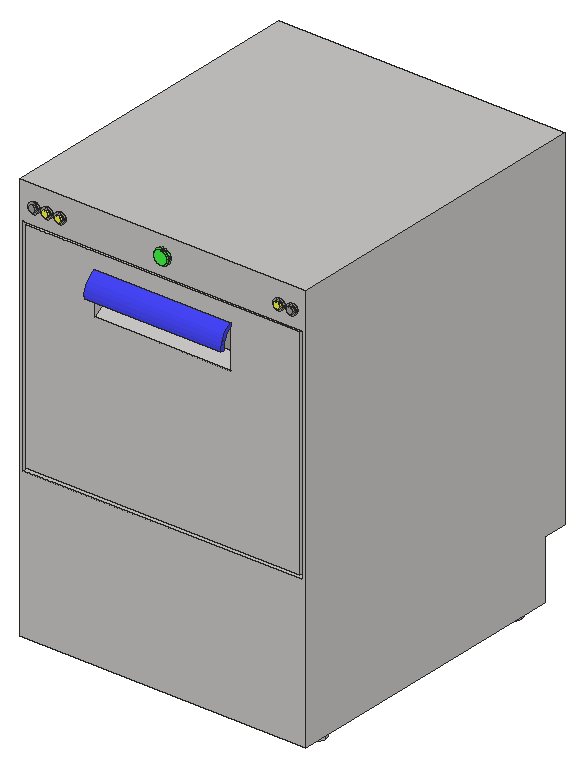
Revit family "QF_ELECTROLUXPROFESSIONAL_402273_EXSR", category Specialty Equipment, Revit 2018
Family settings
  Round Connector Dimension = Use Diameter
  Part Type = Normal
  Work Plane-Based = No
  Always vertical = Yes
  Cut with Voids When Loaded = No
  Shared = No
  Room Calculation Point = No
Parameters
  Weight = 33.50 kg
  Watts = 0 W
  Volts = 0 V
  URL Manufacturer = ""
  URL = "http://professional.electrolux.com/"
  Steam Supply Size = 0 mm
  Steam Supply Minimum Pressure = 0.0 Pa
  Steam Supply Maximum Pressure = 0.0 Pa
  Steam Pounds per Hour = 0
  Show Logo [instance] = yes
  Show Clearance [instance] = yes
  Refrigeration Suction Line Size = 0 mm
  Refrigeration Liquid Line Size = 0 mm
  Refrigerant Compressor Remote = yes
  Manufacturer = ""
  Phase = 0
  Model = ""
  Length Actual = 440 mm  # constant formula
  Item Number = ""
  Hot Water Size = 0 mm
  Height Actual = 640 mm  # constant formula
  HP = "3.9 HP"
  Gas Size = 0 mm
  Gas KW = 0
  Gas Input Pressure = 0 W
  Direct Waste Size = 29 mm
  Description = ""
  Depth Actual = 497 mm  # constant formula
  Cycle = 0 Hz
  Condensate Return Size = 0 mm
  Compressed Air Volume = 0.0 L/s
  Compressed Air Size = 0 mm
  Compressed Air Pressure = 0.0 Pa
  Cold Water Size = 0 mm
  Accessory = yes
Types (2, lengths in mm): name | Volts | URL Manufacturer | URL | Manufacturer | Phase | Model | Item Number | Description | Cycle | Cold Water Size
  (no name) | 0 V | "" | "http://professional.electrolux.com/" | "" | 0 | "" | "" | "" | 0 Hz | 0
  Standard | 220 V | "http://professional.electrolux.com" | "http://professional.electrolux.com" | "Electrolux Professional" | 1 | "EXSR" | "402273" | "GLASSWASHER(XS), SINGLE SKIN, ROUND BASKET, 30B/H" | 50 Hz | 19.05
Reference planes
  plane 1 "Center (Front/Back)": y = 0
  plane 2: z = 0
  plane 3 "Center (Left/Right)": x = 0
  plane 4 "LEFT": x = -220
  plane 5 "RIGHT": x = 220
  plane 6 "FRONT": y = -248.5
  plane 7 "BACK": y = 248.5
  plane 8: z = 640
  plane 9: z = 10
  plane 10: y = 209.5
Forms (mm)
  Extrusion 1, solid, material "QF_Finishes_Stainless Steel"
    sketch origin (0, 0, 0) x (1, 0, 0) y (0, 1, 0)
      loop
        line (-220, -248.5) -> (220, -248.5) -> (220, 209.5) -> (-220, 209.5) -> (-220, -248.5)
    from 10 to 640
  Extrusion 2, solid, material "QF_Finishes_Stainless Steel"
    sketch origin (0, 0, 0) x (1, 0, 0) y (0, 1, 0)
      loop
        line (-220, 209.5) -> (220, 209.5) -> (220, 248.5) -> (-220, 248.5) -> (-220, 209.5)
    from 100 to 640
  Extrusion 3, solid, material "QF_Finishes_Stainless Steel"
    sketch origin (0, 0, 0) x (1, 0, 0) y (0, 1, 0)
      loop
        circle (-200.5, 174.5) r 12.5
      loop
        circle (200.5, 174.5) r 12.5
      loop
        circle (-200.5, -201.5) r 12.5
      loop
        circle (200.5, -201.5) r 12.5
    from 0 to 10
  Extrusion 4, void
    sketch origin (-220, -248.5, 0) x (-1, 0, 0) y (0, 0, 1)
      loop
        line (-5, 583.217) -> (-435, 583.217) -> (-435, 240) -> (-5, 240) -> (-5, 583.217)
    from 0 to 30
  Extrusion 5, solid, material "QF_Finishes_Stainless Steel"
    sketch origin (-155, -431, 752) x (0, 0, -1) y (1, 0, 0)
      loop
        circle (693, 223) r 10
    from -640.5 to -679.5
  Extrusion 6, solid, material "QF_Door-Drawer Clearances", visible <- "Show Clearance", detail levels coarse
    sketch origin (-230, -282.5, 0) x (0, 1, 0) y (0, 0, -1)
      loop
        line (34, -245) -> (-259, -245)
        arc (-259, -245) -> (-178.223, -469.983) -> (34, -580) r 327.223
        line (34, -580) -> (34, -245)
    from -20 to -440
  Extrusion 7, solid, material "QF_Finishes_Stainless Steel"
    sketch origin (-434.481, -431, 722) x (0, 0, -1) y (1, 0, 0)
      loop
        circle (663, 332.481) r 8
    from -640.5 to -679.5
  Extrusion 8, solid, material "QF_Finishes_Stainless Steel"
    sketch origin (-230, -282.5, 0) x (0, 1, 0) y (0, 0, -1)
      loop
        line (34, -245) -> (34, -580) -> (59, -580) -> (59, -245) -> (34, -245)
    from -19.799 to -440
  Extrusion 9, solid, material "QF_Finishes_Stainless Steel"
    sketch origin (-275, -431, 682.5) x (0, 0, -1) y (1, 0, 0)
      loop
        circle (663, 238) r 8
    from -640.5 to -679.5
  Extrusion 10, solid, material "QF_Finishes_Green"
    sketch origin (-230, -248.5, 0) x (1, 0, 0) y (0, 0, 1)
      loop
        circle (230, 610.819) r 12
      loop
        circle (230, 610.819) r 10
    from 0 to 2.5
  Extrusion 11, void
    sketch origin (-225.452, 209.5, 42.5) x (0, 1, 0) y (0, 0, 1)
      loop
        line (-458, 508.217) -> (-458, 447.5) -> (-436.349, 460) -> (-458, 508.217)
    from 120.452 to 330.452
  Extrusion 12, solid, material "QF_Finishes_Blue"
    sketch origin (-220, 209.5, 0) x (0, -1, 0) y (0, 0, 1)
      loop
        line (458, 555.863) -> (458, 550.513)
        arc (458, 550.513) -> (469.966, 539.801) -> (472.861, 524.005) r 24.803
        line (472.861, 524.005) -> (477.907, 524.005)
        arc (477.907, 524.005) -> (473.605, 543.465) -> (458, 555.863) r 29.803
    from -325 to -115
  Extrusion 13, solid, material "QF_Finishes_Green"
    sketch origin (234, -248.5, -28.75) x (-1, 0, 0) y (0, 0, -1)
      loop
        circle (234, -639.569) r 10
    from 0 to 5
  Extrusion 14, solid, material "QF_Finishes_Gray"
    sketch origin (109.577, -248.5, -30.575) x (-1, 0, 0) y (0, 0, -1)
      loop
        circle (306.936, -638.972) r 5
    from 0 to 5
  Extrusion 15, solid, material "QF_Finishes_Gray"
    sketch origin (-63.82, -248.5, -35.2) x (1, 0, 0) y (0, 0, 1)
      loop
        circle (262.936, 643.347) r 8
      loop
        circle (262.936, 643.347) r 5
      loop
        circle (242.936, 643.347) r 8
      loop
        circle (242.936, 643.347) r 5
    from 0 to 2.5
  Extrusion 16, solid, material "QF_Finishes_Gray"
    sketch origin (-87.82, -248.5, -30.825) x (1, 0, 0) y (0, 0, 1)
      loop
        circle (286.936, 638.972) r 5
    from 0 to 5
  Extrusion 17, solid, material "QF_Finishes_Gray"
    sketch origin (85.577, -248.5, -34.95) x (-1, 0, 0) y (0, 0, -1)
      loop
        circle (262.936, -643.347) r 8
      loop
        circle (262.936, -643.347) r 5
      loop
        circle (242.936, -643.347) r 8
      loop
        circle (242.936, -643.347) r 5
      loop
        circle (282.936, -643.347) r 8
      loop
        circle (282.936, -643.347) r 5
    from 0 to 2.5
  Extrusion 18, solid, material "QF_Finishes_Yellow"
    sketch origin (129.577, -248.5, -30.575) x (-1, 0, 0) y (0, 0, -1)
      loop
        circle (306.936, -638.972) r 5
    from 0 to 5
  Extrusion 19, solid, material "QF_Finishes_Yellow"
    sketch origin (149.577, -248.5, -30.575) x (-1, 0, 0) y (0, 0, -1)
      loop
        circle (306.936, -638.972) r 5
    from 0 to 5
  Extrusion 20, solid, material "QF_Finishes_Yellow"
    sketch origin (486.051, -248.5, -30.825) x (-1, 0, 0) y (0, 0, -1)
      loop
        circle (306.936, -638.972) r 5
    from 0 to 5
Cuts and joins
  Extrusion 4 cuts Extrusion 1
  joined: Extrusion 1, Extrusion 2
  Extrusion 11 cuts Extrusion 8
Lines and regions (mm)
  Split face 1
    outline origin (-220, -248.5, 640) x (0, 0, -1) y (1, 0, 0)
      loop
        line (56.783, 5) -> (56.783, 0)
      loop
        line (56.783, 435) -> (56.783, 440)
      loop
        line (22.034, 440) -> (22.034, 369.297)
        arc (22.034, 369.297) -> (22.64, 366.25) -> (24.366, 363.667) r 7.962
        line (24.366, 363.667) -> (44.289, 343.744)
        arc (44.289, 343.744) -> (46.135, 340.982) -> (46.783, 337.723) r 8.515
        line (46.783, 337.723) -> (46.783, 239.844)
        arc (46.783, 239.844) -> (46.096, 238.186) -> (44.439, 237.5) r 2.344
        line (44.439, 237.5) -> (15.017, 237.5)
        arc (15.017, 237.5) -> (12.73, 236.553) -> (11.783, 234.266) r 3.234
        line (11.783, 234.266) -> (11.783, 220) -> (11.783, 205.734)
        arc (11.783, 205.734) -> (12.73, 203.447) -> (15.017, 202.5) r 3.234
        line (15.017, 202.5) -> (44.439, 202.5)
        arc (44.439, 202.5) -> (46.096, 201.814) -> (46.783, 200.156) r 2.344
        line (46.783, 200.156) -> (46.783, 102.277)
        arc (46.783, 102.277) -> (46.135, 99.018) -> (44.289, 96.256) r 8.515
        line (44.289, 96.256) -> (24.366, 76.333)
        arc (24.366, 76.333) -> (22.64, 73.75) -> (22.034, 70.703) r 7.962
        line (22.034, 70.703) -> (22.034, 0)
  symbolic lines
    curve 1: line (-220, 248.5, 0) -> (220, 248.5, 0)
    curve 2: line (-220, -248.5, 0) -> (-220, 248.5, 0)
    curve 3: line (220, -248.5, 0) -> (-220, -248.5, 0)
    curve 4: line (220, 248.5, 0) -> (220, -248.5, 0)
    curve 8: line (-12, -251, 0) -> (12, -251, 0)
    curve 9: line (12, -251, 0) -> (12, -248.5, 0)
    curve 10: line (-12, -251, 0) -> (-12, -248.5, 0)
    curve 11: line (-10, -253.5, 0) -> (10, -253.5, 0)
    curve 12: line (10, -253.5, 0) -> (10, -251, 0)
    curve 13: line (-10, -253.5, 0) -> (-10, -251, 0)
    curve 16: line (-205.359, -251, 0) -> (-205.359, -248.5, 0)
    curve 17: line (-189.368, -251, 0) -> (-189.368, -248.5, 0)
    curve 18: line (-202.346, -253.5, 0) -> (-192.355, -253.5, 0)
    curve 19: line (-192.355, -253.5, 0) -> (-192.355, -251, 0)
    curve 20: line (-202.346, -253.5, 0) -> (-202.346, -251, 0)
    curve 21: line (-185.355, -251, 0) -> (-169.355, -251, 0)
    curve 22: line (-169.355, -251, 0) -> (-169.355, -248.5, 0)
    curve 23: line (-185.355, -251, 0) -> (-185.355, -248.5, 0)
    curve 24: line (-182.355, -253.5, 0) -> (-172.355, -253.5, 0)
    curve 25: line (-172.355, -253.5, 0) -> (-172.355, -251, 0)
    curve 26: line (-182.355, -253.5, 0) -> (-182.355, -251, 0)
    curve 27: line (-165.355, -251, 0) -> (-149.355, -251, 0)
    curve 28: line (-149.355, -251, 0) -> (-149.355, -248.5, 0)
    curve 29: line (-165.355, -251, 0) -> (-165.355, -248.5, 0)
    curve 30: line (-162.355, -253.5, 0) -> (-152.355, -253.5, 0)
    curve 31: line (-152.355, -253.5, 0) -> (-152.355, -251, 0)
    curve 32: line (-162.355, -253.5, 0) -> (-162.355, -251, 0)
    curve 33: line (171.115, -251, 0) -> (187.115, -251, 0)
    curve 34: line (187.115, -251, 0) -> (187.115, -248.5, 0)
    curve 35: line (174.115, -253.5, 0) -> (184.115, -253.5, 0)
    curve 36: line (184.115, -253.5, 0) -> (184.115, -251, 0)
    curve 37: line (174.115, -253.5, 0) -> (174.115, -251, 0)
    curve 38: line (171.115, -251, 0) -> (171.115, -248.5, 0)
    curve 39: line (191.115, -251, 0) -> (207.115, -251, 0)
    curve 40: line (207.115, -251, 0) -> (207.115, -248.5, 0)
    curve 41: line (194.115, -253.5, 0) -> (204.115, -253.5, 0)
    curve 42: line (204.115, -253.5, 0) -> (204.115, -251, 0)
    curve 43: line (194.115, -253.5, 0) -> (194.115, -251, 0)
    curve 44: line (191.115, -251, 0) -> (191.115, -248.5, 0)
    curve 45: line (-105, -248.5, 0) -> (-105, -268.634, 0)
    curve 46: line (105, -248.5, 0) -> (105, -268.634, 0)
    curve 47: line (105, -268.634, 0) -> (-105, -268.634, 0)
  symbolic lines, style "QF_Door-Drawer Clearances"
    curve 5: line (-210, -541.5, 0) -> (210, -541.5, 0)
    curve 6: line (210, -541.5, 0) -> (210, -248.5, 0)
    curve 7: line (-210, -541.5, 0) -> (-210, -248.5, 0)
  symbolic lines, style "SpecialityEquipmentHiddenLines"
    curve 14: line (-220, 209.5, 0) -> (220, 209.5, 0)
  symbolic lines, style "SpecialityEquipment"
    curve 15: line (-205.359, -251, 0) -> (-189.368, -251, 0)
Dimensions and locks
  equal spacing: plane 4 "LEFT", plane 3 "Center (Left/Right)", plane 5 "RIGHT"
  equal spacing: plane 7 "BACK", plane 1 "Center (Front/Back)", plane 6 "FRONT"
  plane 7 "BACK" to plane 6 "FRONT" = 497 mm
  plane 4 "LEFT" to plane 5 "RIGHT" = 440 mm
  locked: plane 9 to level at 10
  plane 4 "LEFT" to plane 3 "Center (Left/Right)" = 220 mm
  plane 8 to level = 640 mm  (x2)
  level to Extrusion 9 sketch curve = 19.5 mm
  Extrusion 9 sketch curve to plane 4 "LEFT" = 183 mm
  level to Extrusion 5 sketch curve = 59 mm
  Extrusion 5 sketch curve to plane 4 "LEFT" = 288 mm
  Extrusion 7 sketch curve to plane 4 "LEFT" = 118 mm
  level to Extrusion 7 sketch curve = 59 mm
  Extrusion 3 to cut or joined group of Extrusion 1, Extrusion 2, Extrusion 4 = 74 mm
  Extrusion 3 to Extrusion 3 = 376 mm
  plane 6 "FRONT" to Extrusion 3 = 47 mm
  plane 1 "Center (Front/Back)" to plane 6 "FRONT" = 248.5 mm
  locked: plane 7 "BACK" to plane 10 at 39
  plane 6 "FRONT" to curve 5 = 293 mm
  Extrusion 8 to cut or joined group of Extrusion 1, Extrusion 2, Extrusion 4 = 340 mm
  aligned and locked: level to plane 2
  aligned and locked: Extrusion 1 sketch curve to plane 6 "FRONT"
  aligned and locked: Extrusion 1 sketch curve to plane 4 "LEFT"
  aligned and locked: plane 5 "RIGHT" to Extrusion 1 sketch curve
  aligned and locked: Extrusion 1 to plane 9
  aligned and locked: Extrusion 2 sketch curve to Extrusion 1
  aligned and locked: plane 7 "BACK" to Extrusion 2 sketch curve
  aligned and locked: plane 5 "RIGHT" to Extrusion 2 sketch curve
  aligned and locked: plane 9 to Extrusion 3
  aligned and locked: cut or joined group of Extrusion 1, Extrusion 2, Extrusion 4 to plane 10
Automatic sketch dimensions
  Extrusion 11 sketch curve to plane 6 "FRONT" = 0 mm
  plane 6 "FRONT" to Extrusion 11 sketch curve = 21.651 mm
  Extrusion 11 sketch curve to plane 8 = 150 mm
  Extrusion 11 sketch curve to Extrusion 11 sketch curve = 12.5 mm
  Extrusion 11 sketch curve to Extrusion 11 sketch curve = 48.217 mm
  Extrusion 13 sketch curve to Extrusion 13 sketch curve = 0 mm  (x2)
  Extrusion 13 sketch curve to plane 3 "Center (Left/Right)" = 0 mm
  Extrusion 13 sketch curve to plane 8 = 29.181 mm
  plane 3 "Center (Left/Right)" to Extrusion 13 sketch curve = 10 mm
  Extrusion 14 sketch curve to Extrusion 14 sketch curve = 0 mm  (x2)
  Extrusion 14 sketch curve to plane 8 = 31.603 mm
  Extrusion 14 sketch curve to plane 3 "Center (Left/Right)" = 197.359 mm
  Extrusion 14 sketch curve to Extrusion 14 sketch curve = 5 mm
  Extrusion 15 sketch curve to Extrusion 15 sketch curve = 0 mm  (x5)
  plane 3 "Center (Left/Right)" to Extrusion 15 sketch curve = 179.115 mm
  Extrusion 15 sketch curve to Extrusion 15 sketch curve = 20 mm
  Extrusion 15 sketch curve to plane 8 = 31.853 mm
  Extrusion 16 sketch curve to plane 8 = 31.853 mm
  plane 3 "Center (Left/Right)" to Extrusion 16 sketch curve = 199.115 mm
  Extrusion 16 sketch curve to Extrusion 16 sketch curve = 5 mm
  Extrusion 17 sketch curve to Extrusion 17 sketch curve = 0 mm  (x8)
  Extrusion 17 sketch curve to plane 3 "Center (Left/Right)" = 157.359 mm
  Extrusion 17 sketch curve to Extrusion 17 sketch curve = 20 mm  (x2)
  Extrusion 17 sketch curve to plane 8 = 31.603 mm
  Extrusion 18 sketch curve to Extrusion 18 sketch curve = 0 mm  (x2)
  Extrusion 18 sketch curve to plane 8 = 31.603 mm
  Extrusion 18 sketch curve to plane 3 "Center (Left/Right)" = 177.359 mm
  Extrusion 18 sketch curve to Extrusion 18 sketch curve = 5 mm
  Extrusion 19 sketch curve to Extrusion 19 sketch curve = 0 mm  (x2)
  Extrusion 19 sketch curve to plane 3 "Center (Left/Right)" = 157.359 mm
  Extrusion 19 sketch curve to plane 8 = 31.603 mm
  Extrusion 19 sketch curve to Extrusion 19 sketch curve = 5 mm
  Extrusion 20 sketch curve to Extrusion 20 sketch curve = 0 mm  (x2)
  plane 3 "Center (Left/Right)" to Extrusion 20 sketch curve = 179.115 mm
  Extrusion 20 sketch curve to plane 8 = 31.853 mm
  Extrusion 20 sketch curve to Extrusion 20 sketch curve = 5 mm
  Extrusion 6 sketch curve to plane 6 "FRONT" = 0 mm
  Extrusion 6 sketch curve to plane 6 "FRONT" = 293 mm
  plane 6 "FRONT" to Extrusion 6 sketch curve = 34.083 mm
  Extrusion 6 sketch curve to plane 8 = 60 mm
  level to Extrusion 6 sketch curve = 254.557 mm
  Extrusion 1 sketch curve to plane 10 = 0 mm
  Extrusion 2 sketch curve to plane 10 = 0 mm
  plane 4 "LEFT" to Extrusion 3 sketch curve = 19.5 mm  (x2)
  Extrusion 3 sketch curve to plane 5 "RIGHT" = 19.5 mm  (x2)
  plane 6 "FRONT" to Extrusion 3 sketch curve = 47 mm  (x2)
  Extrusion 3 sketch curve to plane 10 = 35 mm  (x2)
  Extrusion 4 sketch curve to Extrusion 1 = 5 mm  (x2)
  Extrusion 4 sketch curve to Extrusion 1 = 230 mm
  Extrusion 4 sketch curve to Extrusion 1 = 56.783 mm
  Extrusion 8 sketch curve to plane 6 "FRONT" = 0 mm
  Extrusion 8 sketch curve to Extrusion 8 sketch curve = 25 mm
  Extrusion 8 sketch curve to plane 8 = 60 mm
  plane 9 to Extrusion 8 sketch curve = 235 mm
  Extrusion 10 sketch curve to Extrusion 10 sketch curve = 0 mm  (x2)
  Extrusion 1 to Extrusion 10 sketch curve = 29.181 mm
  Extrusion 1 to Extrusion 10 sketch curve = 220 mm
  Extrusion 12 sketch curve to Extrusion 12 sketch curve = 0 mm  (x2)
  Extrusion 12 sketch curve to Extrusion 1 = 0 mm
  Extrusion 12 sketch curve to Extrusion 1 = 9.669 mm
  Extrusion 1 to Extrusion 12 sketch curve = 14.861 mm
  Extrusion 12 sketch curve to Extrusion 12 sketch curve = 5.046 mm
  Extrusion 1 to Extrusion 12 sketch curve = 115.995 mm
  Extrusion 12 sketch curve to Extrusion 12 sketch curve = 3.668 mm
  cut or joined group of Extrusion 1, Extrusion 2, Extrusion 4 to Split face 1 sketch curve = 0 mm  (x2)
  Split face 1 sketch curve to cut or joined group of Extrusion 1, Extrusion 2, Extrusion 4 = 0 mm  (x6)
  cut or joined group of Extrusion 1, Extrusion 2, Extrusion 4 to Split face 1 sketch curve = 10 mm  (x2)
  Split face 1 sketch curve to Split face 1 sketch curve = 2.344 mm  (x2)
  Split face 1 sketch curve to Split face 1 sketch curve = 2.494 mm  (x2)
  Split face 1 sketch curve to Split face 1 sketch curve = 8.515 mm  (x2)
  cut or joined group of Extrusion 1, Extrusion 2, Extrusion 4 to Split face 1 sketch curve = 26.786 mm  (x2)
  Split face 1 sketch curve to Split face 1 sketch curve = 5.63 mm  (x2)
  Split face 1 sketch curve to Split face 1 sketch curve = 2.332 mm  (x2)
  Split face 1 sketch curve to cut or joined group of Extrusion 1, Extrusion 2, Extrusion 4 = 15.017 mm  (x2)
  Split face 1 sketch curve to cut or joined group of Extrusion 1, Extrusion 2, Extrusion 4 = 11.783 mm
  Split face 1 sketch curve to cut or joined group of Extrusion 1, Extrusion 2, Extrusion 4 = 65.703 mm
  Split face 1 sketch curve to Split face 1 sketch curve = 19.923 mm  (x2)
  Split face 1 sketch curve to Split face 1 sketch curve = 97.879 mm
  Split face 1 sketch curve to Split face 1 sketch curve = 14.266 mm  (x2)
  Split face 1 sketch curve to cut or joined group of Extrusion 1, Extrusion 2, Extrusion 4 = 97.277 mm
  curve 1 to plane 4 "LEFT" = 0 mm
  curve 7 to plane 6 "FRONT" = 0 mm
  curve 3 to plane 5 "RIGHT" = 0 mm
  curve 14 to plane 10 = 0 mm
  curve 2 to plane 7 "BACK" = 0 mm
  plane 4 "LEFT" to curve 5 = 10 mm
  curve 15 to plane 6 "FRONT" = 2.5 mm
  curve 7 to curve 15 = 4.641 mm
  curve 15 to curve 20 = 3.013 mm
  curve 18 to curve 18 = 9.991 mm
  curve 19 to curve 15 = 2.987 mm
  curve 15 to curve 21 = 4.013 mm
  curve 21 to curve 26 = 3 mm
  curve 24 to plane 6 "FRONT" = 5 mm
  curve 24 to curve 24 = 10 mm
  curve 25 to curve 22 = 3 mm
  curve 21 to curve 29 = 4 mm
  curve 27 to curve 32 = 3 mm
  curve 31 to plane 6 "FRONT" = 5 mm
  curve 30 to curve 31 = 10 mm
  curve 31 to curve 27 = 3 mm
  curve 8 to plane 6 "FRONT" = 2.5 mm
  curve 8 to plane 3 "Center (Left/Right)" = 12 mm
  curve 8 to curve 11 = 2 mm
  plane 3 "Center (Left/Right)" to curve 12 = 10 mm
  curve 12 to curve 9 = 2 mm
  curve 33 to plane 6 "FRONT" = 2.5 mm
  curve 33 to plane 5 "RIGHT" = 48.885 mm
  curve 33 to curve 37 = 3 mm
  curve 35 to plane 6 "FRONT" = 5 mm
  curve 35 to curve 35 = 10 mm
  curve 36 to curve 34 = 3 mm
  curve 33 to curve 39 = 4 mm
  curve 39 to curve 43 = 3 mm
  curve 42 to plane 6 "FRONT" = 5 mm
  curve 41 to curve 42 = 10 mm
  curve 42 to curve 39 = 3 mm
  curve 6 to plane 5 "RIGHT" = 10 mm
  curve 11 to curve 13 = 2.5 mm
  curve 20 to curve 20 = 2.5 mm
  curve 44 to plane 6 "FRONT" = 2.5 mm
  curve 21 to plane 6 "FRONT" = 2.5 mm
  curve 27 to plane 6 "FRONT" = 2.5 mm
  curve 27 to curve 45 = 44.355 mm
  curve 46 to plane 6 "FRONT" = 20.134 mm
  curve 46 to curve 33 = 66.115 mm
  radius of Extrusion 5 sketch curve = 10 mm
  radius of Extrusion 7 sketch curve = 8 mm
  radius of Extrusion 9 sketch curve = 8 mm
  radius of Extrusion 15 sketch curve = 8 mm  (x2)
  radius of Extrusion 15 sketch curve = 5 mm  (x2)
  radius of Extrusion 17 sketch curve = 8 mm  (x3)
  radius of Extrusion 17 sketch curve = 5 mm  (x3)
  radius of Extrusion 3 sketch curve = 12.5 mm  (x4)
  radius of Extrusion 10 sketch curve = 12 mm
  radius of Extrusion 10 sketch curve = 10 mm
Connectors
  piping at (68, 248.5, 59), diameter 20
    settings: on Extrusion 5, index 1, connector inside diameter 609.6 mm, connector length 0 mm, flow factor 0, pipe flow 0.0 L/s, pressure drop 0.0 Pa, fitting loss kfactor 0, connector angle 0.00°, fixture units 0, engagement length 0 mm, angle of deflection 0.00°, flow configuration 1, flow direction 1, fitting loss method 0, system type 16, joint type 0, gender type 0, connector reference index -1, connector utility 0, adjustable connector no, is connector primary yes, connector description "Drain"
  piping at (-102, 248.5, 59), driven by "Cold Water Size"
    settings: on Extrusion 7, index 3, connector diameter 0 mm, connector inside diameter 609.6 mm, connector length 0 mm, flow factor 0, pipe flow 0.0 L/s, pressure drop 0.0 Pa, fitting loss kfactor 0, connector angle 0.00°, fixture units 0, engagement length 0 mm, angle of deflection 0.00°, flow configuration 1, flow direction 1, fitting loss method 0, system type 20, joint type 0, gender type 0, connector reference index -1, connector utility 0, adjustable connector no, is connector primary no, connector description "Cold Water Inlet"
  electrical at (-37, 248.5, 19.5), driven by "Volts"
    settings: on Extrusion 9, index 4, voltage 0 V, apparent load 0 VA, apparent load phase1 0 VA, apparent load phase2 0 VA, apparent load phase3 0 VA, power factor 1, load classification "Altro", number of poles 1, system type 31, power factor state 1, is connector primary yes, connector utility no, sub classification motor no, connector description "Electrical Connection"
